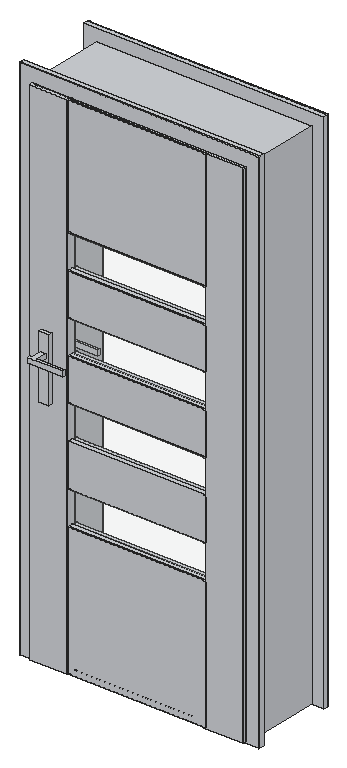
Revit family "porta_koncept_H4_osc_ps", category Drzwi, Revit 2016
Family settings
  Obiekt nadrzędny = Ściana
  Zawsze pionowo = Tak
  Tnij formami wycięć po wczytaniu = Nie
  Współdzielony = Nie
  Punkt obliczania pomieszczeń = Nie
Parameters (values of type "PN 80")
  Zakres szerokości muru [instance] = if(and(Grubość ściany > 94 mm, Grubość ściany < 120 mm), "B", (if(and(Grubość ściany > 119 mm, Grubość ściany < 140 mm), "C", (if(and(Grubość ściany > 139 mm, Grubość ściany < 160 mm), "D", (if(and(Grubość ściany > 159 mm, Grubość ściany < 180 mm), "E", (if(and(Grubość ściany > 179 mm, Grubość ściany < 200 mm), "F", (if(and(Grubość ściany > 199 mm, Grubość ściany < 220 mm), "G", (if(and(Grubość ściany > 219 mm, Grubość ściany < 240 mm), "H", (if(and(Grubość ściany > 239 mm, Grubość ściany < 260 mm), "I", (if(and(Grubość ściany > 259 mm, Grubość ściany < 280 mm), "J", (if(and(Grubość ściany > 279 mm, Grubość ściany < 301 mm), "K", "BRAK")))))))))))))))))))  # "K"
  Wysokość brutto = 2060 mm
  Szerokość brutto = 880 mm
  Model = "Koncept H4"
  Konstrukcja analityczna = "<Brak>"
  Grubość ściany [instance] = 300 mm
  Funkcja = Wewnętrzna
  URL = "www.porta.com.pl"
  Ss = 844 mm
  Sb = 846 mm
  Producent = "PORTA KMI POLAND"
  Keynote = ""
  Description = ""
  Wysokość = 2016 mm
  Zakończenie ściany = Wg obiektu nadrzędnego
  Szerokość = 800 mm
  Materiał_skrzydło [instance] = none
  Materiał_ościeżnica [instance] = none
  Materiał_klamka [instance] = none
  Informacja = "Własność Porta KMI Poland, wszelkie prawa zastrzeżone."  # constant formula
  Hs = 2030 mm
Types (6, lengths in mm): name | Szerokość brutto | Ss | Sb | Description | Szerokość
  PN 70 | 780 | 744 | 746 | "Biblioteki CAD produktów firmy PORTA KMI POLAND wraz z ich wizualizacjami są chronione prawami własności przemysłowej i intelektualnej. Można je wykorzystywać do handlowych celów osobistych poprzez zastosowanie w projektach, jednak nie wolno ich powielać, modyfikować, licencjonować ani publikować, w całości ani w części, chyba że celem przeglądania, bez uprzedniej pisemnej zgody PORTA KMI Poland. www.porta.com.pl" | 700
  PN 60 | 680 | 644 | 646 | "Biblioteki CAD produktów firmy PORTA KMI POLAND wraz z ich wizualizacjami są chronione prawami własności przemysłowej i intelektualnej. Można je wykorzystywać do handlowych celów osobistych poprzez zastosowanie w projektach, jednak nie wolno ich powielać, modyfikować, licencjonować ani publikować, w całości ani w części, chyba że celem przeglądania, bez uprzedniej pisemnej zgody PORTA KMI Poland. www.porta.com.pl" | 600
  PN 80 | 880 | 844 | 846 | "" | 800
  PN 90 | 980 | 944 | 946 | "Biblioteki CAD produktów firmy PORTA KMI POLAND wraz z ich wizualizacjami są chronione prawami własności przemysłowej i intelektualnej. Można je wykorzystywać do handlowych celów osobistych poprzez zastosowanie w projektach, jednak nie wolno ich powielać, modyfikować, licencjonować ani publikować, w całości ani w części, chyba że celem przeglądania, bez uprzedniej pisemnej zgody PORTA KMI Poland. www.porta.com.pl" | 900
  PN 100 | 1080 | 1044 | 1046 | "Biblioteki CAD produktów firmy PORTA KMI POLAND wraz z ich wizualizacjami są chronione prawami własności przemysłowej i intelektualnej. Można je wykorzystywać do handlowych celów osobistych poprzez zastosowanie w projektach, jednak nie wolno ich powielać, modyfikować, licencjonować ani publikować, w całości ani w części, chyba że celem przeglądania, bez uprzedniej pisemnej zgody PORTA KMI Poland. www.porta.com.pl" | 1000
  PN 110 | 1180 | 1144 | 1146 | "Biblioteki CAD produktów firmy PORTA KMI POLAND wraz z ich wizualizacjami są chronione prawami własności przemysłowej i intelektualnej. Można je wykorzystywać do handlowych celów osobistych poprzez zastosowanie w projektach, jednak nie wolno ich powielać, modyfikować, licencjonować ani publikować, w całości ani w części, chyba że celem przeglądania, bez uprzedniej pisemnej zgody PORTA KMI Poland. www.porta.com.pl" | 1100
Reference planes
  plane 1: y = 0
  plane 2 "Środek (Lewa/Prawa)": x = 0
  plane 3 "Lewy": x = -440
  plane 4 "Prawy": x = 440
  plane 5: z = 2060
  plane 6 "Zewnętrzna": y = 150
  plane 7 "Wewnętrzna": y = -150
  plane 8 "skrzydło": y = -144.5
Forms (mm)
  Sweep 1, solid, material <- "Materiał_ościeżnica"
    path in 3D
      loop
        line (-440, -150, 0) -> (-440, -150, 2060) -> (440, -150, 2060) -> (440, -150, 0)
    profile origin (-440, -150, 1030) x (0, -1, 0) y (1, 0, 0)
      loop
        line (-10, 39) -> (-72, 39) -> (-72, 17) -> (0, 17) -> (0, -33) -> (16, -33)
        arc (16, -33) -> (18.121, -32.121) -> (19, -30) r 3
        line (19, -30) -> (19, 24)
        arc (19, 24) -> (18.121, 26.121) -> (16, 27) r 3
        line (16, 27) -> (-10, 27) -> (-10, 39)
  Sweep 2, solid, material <- "Materiał_ościeżnica"
    path in 3D
      loop
        line (440, 150, 0) -> (440, 150, 2060) -> (-440, 150, 2060) -> (-440, 150, 0)
    profile origin (-440, 150, 1030) x (1, 0, 0) y (0, 1, 0)
      loop
        line (-33, 0) -> (17, 0) -> (17, -228) -> (39, -228) -> (39, -1)
        arc (39, -1) -> (37.536, 2.536) -> (34, 4) r 5
        line (34, 4) -> (25, 4) -> (25, 16)
        arc (25, 16) -> (24.121, 18.121) -> (22, 19) r 3
        line (22, 19) -> (-30, 19)
        arc (-30, 19) -> (-32.121, 18.121) -> (-33, 16) r 3
        line (-33, 16) -> (-33, 0)
  Sweep 3, solid, not visible
    path in 3D
      loop
        line (-440, -150, 0) -> (-440, -150, 2060)
    profile origin (-440, -150, 1030) x (0, -1, 0) y (1, 0, 0)
      loop
        line (-151, 17) -> (-149, 17) -> (-149, 19) -> (-151, 19) -> (-151, 17)
Cuts and joins
  joined: Sweep 1, Sweep 2
Lines and regions (mm)
  Opening 1
    outline origin (-3050, -150, 0) x (1, 0, 0) y (0, 0, 1)
      loop
        line (2610, 0) -> (3490, 0) -> (3490, 2060) -> (2610, 2060) -> (2610, 0)
  sketch lines
    curve 1: line (-440, -150, 0) -> (-440, -150, 2060)
    curve 2: line (-440, -150, 2060) -> (440, -150, 2060)
    curve 3: line (440, -150, 2060) -> (440, -150, 0)
    curve 4: line (-440, 150, 2060) -> (-440, 150, 0)
    curve 5: line (440, 150, 2060) -> (-440, 150, 2060)
    curve 6: line (440, 150, 0) -> (440, 150, 2060)
    curve 12: line (-440, -150, 0) -> (-440, -150, 2060)
  symbolic lines, style "DoorsPanelProjection"
    curve 7: line (422, -150, 0) -> (422, -994, 0)
    curve 8: line (422, -994, 0) -> (382, -994, 0)
    curve 9: line (382, -994, 0) -> (382, -150, 0)
    curve 10: line (382, -150, 0) -> (422, -150, 0)
  symbolic lines, style "Ugięcie rzutu"
    curve 11: arc (-422, -150, 0) -> (-174.798, -746.798, 0) -> (422, -994, 0) r 844
Text (mm)
  text "Zewnętrzna" at (-2295.016, 1099.543, 0), in view "Poziom odniesienia"
  text "Zewnętrzna" at (0, 1615.38, 3698.081), in view "Lewy"
  text "Zewnętrzna" at (0, 1036.032, 3874.932), in view "Prawy"
Dimensions and locks
  equal spacing: plane 3 "Lewy", plane 2 "Środek (Lewa/Prawa)", plane 4 "Prawy"
  "Szerokość brutto": plane 3 "Lewy" to plane 4 "Prawy"
  "Wysokość brutto": plane 5 to host wall
  host wall to plane 5 = 2060 mm  (x2)
  locked: plane 6 "Zewnętrzna" to host wall at 0
  locked: plane 7 "Wewnętrzna" to host wall
  "Sb": Sweep 1 to Sweep 1
  locked: Sweep 1 sketch curve to Sweep 1 sketch curve at 22
  Sweep 1 sketch curve to Sweep 1 sketch curve = 50 mm
  locked: Sweep 1 sketch curve to profile plane at 72
  locked: Sweep 2 sketch curve to Sweep 2 sketch curve at 50
  locked: Sweep 2 sketch curve to Sweep 2 sketch curve at 22
  locked: Sweep 2 sketch curve to plane 6 "Zewnętrzna" at 1
  locked: curve 9 to curve 7 at 40
  "Ss": curve 8 to curve 10
  equal spacing: curve 11, plane 2 "Środek (Lewa/Prawa)", curve 7
  locked: plane 7 "Wewnętrzna" to plane 8 "skrzydło" at 5.5
  locked: host wall to Sweep 3 sketch curve at 1
  locked: Sweep 3 sketch curve to host wall at 1
  locked: Sweep 3 sketch curve to plane 6 "Zewnętrzna" at 151
  locked: plane 7 "Wewnętrzna" to Sweep 3 sketch curve at 151
  equal spacing: nested 1, plane 2 "Środek (Lewa/Prawa)", nested 1
  locked: nested 1 to level at 8
  "Grubość ściany": host wall to host wall
  aligned and locked: plane 3 "Lewy" to Opening 1 sketch curve
  aligned and locked: plane 5 to Opening 1 sketch curve  (x2)
  aligned and locked: Opening 1 sketch curve to plane 4 "Prawy"
  aligned and locked: Opening 1 sketch curve to level
  aligned and locked: plane 1 to host wall
  aligned and locked: Sweep 1 to Sweep 2 sketch curve
  aligned and locked: plane 7 "Wewnętrzna" to curve 10
  aligned and locked: Sweep 3 sketch curve to cut or joined group of Sweep 1, Sweep 2
  aligned and locked: Sweep 2 sketch curve to cut or joined group of Sweep 1, Sweep 2
  aligned and locked: nested 1 to plane 8 "skrzydło"
Automatic sketch dimensions
  profile plane to Sweep 1 sketch curve = 10 mm
  Sweep 1 sketch curve to profile plane = 16 mm  (x2)
  Sweep 1 sketch curve to Sweep 1 sketch curve = 3 mm
  profile plane to Sweep 1 sketch curve = 17 mm
  Sweep 1 sketch curve to Sweep 1 sketch curve = 7 mm
  Sweep 1 sketch curve to profile plane = 0 mm
  Sweep 2 sketch curve to profile plane = 0 mm
  Sweep 2 sketch curve to profile plane = 16 mm
  Sweep 2 sketch curve to Sweep 2 sketch curve = 3 mm
  Sweep 2 sketch curve to Sweep 2 sketch curve = 5 mm
  Sweep 2 sketch curve to profile plane = 4 mm
  Sweep 2 sketch curve to Sweep 2 sketch curve = 8 mm
  curve 11 to host wall = 0 mm
  Sweep 3 sketch curve to Sweep 3 sketch curve = 2 mm
Nested families
  nested 1: "skrzydło" at (0, -151, 0), Materiał_klamka <- "Materiał_klamka", Materiał_skrzydło <- "Materiał_skrzydło", type "skrzydło"
    with Materiał_skrzydło none, Materiał_klamka none
Definition of nested family "skrzydło"
  Parameters
    Ss = 844 mm
    Materiał_skrzydło [instance] = none
    Materiał_klamka [instance] = none
    Hs = 2030 mm
  Reference planes
    plane 1 "Tył": y = 6.5
    plane 2: z = 0
    plane 3 "Środek (Lewa/Prawa)": x = 0
    plane 4 "Lewa": x = -422
    plane 5 "Prawa": x = 422
    plane 6 "Przód": y = -33.5
    plane 7: z = 2038
    plane 8 "Centrum": y = -13.5
    plane 9: x = -409
    plane 10: z = 8
    plane 11: x = 409
    plane 12: x = -272
    plane 13: x = 272
    plane 14: z = 2025
  Forms (mm)
    Extrusion 1, solid, material <- "Materiał_skrzydło"
      sketch origin (-1191.728, -1524, 8) x (-1, 0, 0) y (0, -1, 0)
        loop
          line (-1465.378, -1490.5) -> (-1612.078, -1490.5)
          arc (-1612.078, -1490.5) -> (-1613.244, -1490.983) -> (-1613.728, -1492.15) r 1.65
          line (-1613.728, -1492.15) -> (-1613.728, -1501.85)
          arc (-1613.728, -1501.85) -> (-1613.244, -1503.017) -> (-1612.078, -1503.5) r 1.65
          line (-1612.078, -1503.5) -> (-1602.078, -1503.5)
          arc (-1602.078, -1503.5) -> (-1601.123, -1503.895) -> (-1600.728, -1504.85) r 1.35
          line (-1600.728, -1504.85) -> (-1600.728, -1528.85)
          arc (-1600.728, -1528.85) -> (-1600.244, -1530.017) -> (-1599.078, -1530.5) r 1.65
          line (-1599.078, -1530.5) -> (-1465.378, -1530.5)
          arc (-1465.378, -1530.5) -> (-1464.211, -1530.017) -> (-1463.728, -1528.85) r 1.65
          line (-1463.728, -1528.85) -> (-1463.728, -1492.15)
          arc (-1463.728, -1492.15) -> (-1464.211, -1490.983) -> (-1465.378, -1490.5) r 1.65
      from 0 to 2030
    Extrusion 2, void
      sketch origin (0, 0, 0) x (0, -1, 0) y (0, 0, 1)
        loop
          line (-6.5, 2025) -> (20.5, 2025) -> (20.5, 2038) -> (-6.5, 2038) -> (-6.5, 2025)
      from -422 to 422
    Extrusion 3, solid, material <- "Materiał_skrzydło"
      sketch origin (0, 0, 0) x (0, 1, 0) y (0, 0, 1)
        loop
          line (4, 1568.15) -> (4, 2023.35)
          arc (4, 2023.35) -> (3.517, 2024.517) -> (2.35, 2025) r 1.65
          line (2.35, 2025) -> (-19.15, 2025)
          arc (-19.15, 2025) -> (-20.105, 2025.395) -> (-20.5, 2026.35) r 1.35
          line (-20.5, 2026.35) -> (-20.5, 2036.35)
          arc (-20.5, 2036.35) -> (-20.983, 2037.517) -> (-22.15, 2038) r 1.65
          line (-22.15, 2038) -> (-29.35, 2038)
          arc (-29.35, 2038) -> (-30.517, 2037.517) -> (-31, 2036.35) r 1.65
          line (-31, 2036.35) -> (-31, 1568.15)
          arc (-31, 1568.15) -> (-30.517, 1566.983) -> (-29.35, 1566.5) r 1.65
          line (-29.35, 1566.5) -> (2.35, 1566.5)
          arc (2.35, 1566.5) -> (3.517, 1566.983) -> (4, 1568.15) r 1.65
        loop
          line (2.35, 529.5) -> (-29.35, 529.5)
          arc (-29.35, 529.5) -> (-30.517, 529.017) -> (-31, 527.85) r 1.65
          line (-31, 527.85) -> (-31, 9.65)
          arc (-31, 9.65) -> (-30.517, 8.483) -> (-29.35, 8) r 1.65
          line (-29.35, 8) -> (-25, 8)
          arc (-25, 8) -> (-23.833, 8.483) -> (-23.35, 9.65) r 1.65
          arc (-23.35, 9.65) -> (-22.955, 10.605) -> (-22, 11) r 1.35
          line (-22, 11) -> (-5, 11)
          arc (-5, 11) -> (-4.045, 10.605) -> (-3.65, 9.65) r 1.35
          arc (-3.65, 9.65) -> (-3.167, 8.483) -> (-2, 8) r 1.65
          line (-2, 8) -> (2.35, 8)
          arc (2.35, 8) -> (3.517, 8.483) -> (4, 9.65) r 1.65
          line (4, 9.65) -> (4, 527.85)
          arc (4, 527.85) -> (3.517, 529.017) -> (2.35, 529.5) r 1.65
        loop
          line (2.35, 831.25) -> (-29.35, 831.25)
          arc (-29.35, 831.25) -> (-30.517, 830.767) -> (-31, 829.6) r 1.65
          line (-31, 829.6) -> (-31, 662.9)
          arc (-31, 662.9) -> (-30.517, 661.733) -> (-29.35, 661.25) r 1.65
          line (-29.35, 661.25) -> (2.35, 661.25)
          arc (2.35, 661.25) -> (3.517, 661.733) -> (4, 662.9) r 1.65
          line (4, 662.9) -> (4, 829.6)
          arc (4, 829.6) -> (3.517, 830.767) -> (2.35, 831.25) r 1.65
        loop
          line (2.35, 1133) -> (-29.35, 1133)
          arc (-29.35, 1133) -> (-30.517, 1132.517) -> (-31, 1131.35) r 1.65
          line (-31, 1131.35) -> (-31, 964.65)
          arc (-31, 964.65) -> (-30.517, 963.483) -> (-29.35, 963) r 1.65
          line (-29.35, 963) -> (2.35, 963)
          arc (2.35, 963) -> (3.517, 963.483) -> (4, 964.65) r 1.65
          line (4, 964.65) -> (4, 1131.35)
          arc (4, 1131.35) -> (3.517, 1132.517) -> (2.35, 1133) r 1.65
        loop
          line (2.35, 1434.75) -> (-29.35, 1434.75)
          arc (-29.35, 1434.75) -> (-30.517, 1434.267) -> (-31, 1433.1) r 1.65
          line (-31, 1433.1) -> (-31, 1266.4)
          arc (-31, 1266.4) -> (-30.517, 1265.233) -> (-29.35, 1264.75) r 1.65
          line (-29.35, 1264.75) -> (2.35, 1264.75)
          arc (2.35, 1264.75) -> (3.517, 1265.233) -> (4, 1266.4) r 1.65
          line (4, 1266.4) -> (4, 1433.1)
          arc (4, 1433.1) -> (3.517, 1434.267) -> (2.35, 1434.75) r 1.65
      from -272 to 272
    Extrusion 4, solid
      sketch origin (-892.016, -13.5, 1200) x (-1, 0, 0) y (0, 0, 1)
        loop
          line (-620.016, 366.5) -> (-1164.016, 366.5) -> (-1164.016, 234.75) -> (-620.016, 234.75) -> (-620.016, 366.5)
      from -2 to 2
    Extrusion 5, solid
      sketch origin (-892.016, -13.5, 1200) x (-1, 0, 0) y (0, 0, 1)
        loop
          line (-620.016, -67) -> (-620.016, 64.75) -> (-1164.016, 64.75) -> (-1164.016, -67) -> (-620.016, -67)
      from -2 to 2
    Extrusion 6, solid
      sketch origin (-892.016, -13.5, 1200) x (-1, 0, 0) y (0, 0, 1)
        loop
          line (-620.016, -237) -> (-1164.016, -237) -> (-1164.016, -368.75) -> (-620.016, -368.75) -> (-620.016, -237)
      from -2 to 2
    Extrusion 7, solid
      sketch origin (-892.016, -13.5, 1200) x (-1, 0, 0) y (0, 0, 1)
        loop
          line (-620.016, -538.75) -> (-1164.016, -538.75) -> (-1164.016, -670.5) -> (-620.016, -670.5) -> (-620.016, -538.75)
      from -2 to 2
    Extrusion 8, solid, material <- "Materiał_skrzydło"
      sketch origin (-1191.728, -1524, 8) x (-1, 0, 0) y (0, -1, 0)
        loop
          arc (-918.078, -1490.5) -> (-919.244, -1490.983) -> (-919.728, -1492.15) r 1.65
          line (-919.728, -1492.15) -> (-919.728, -1528.85)
          arc (-919.728, -1528.85) -> (-919.244, -1530.017) -> (-918.078, -1530.5) r 1.65
          line (-918.078, -1530.5) -> (-784.378, -1530.5)
          arc (-784.378, -1530.5) -> (-783.211, -1530.017) -> (-782.728, -1528.85) r 1.65
          line (-782.728, -1528.85) -> (-782.728, -1504.85)
          arc (-782.728, -1504.85) -> (-782.332, -1503.895) -> (-781.378, -1503.5) r 1.35
          line (-781.378, -1503.5) -> (-771.378, -1503.5)
          arc (-771.378, -1503.5) -> (-770.211, -1503.017) -> (-769.728, -1501.85) r 1.65
          line (-769.728, -1501.85) -> (-769.728, -1492.15)
          arc (-769.728, -1492.15) -> (-770.211, -1490.983) -> (-771.378, -1490.5) r 1.65
          line (-771.378, -1490.5) -> (-918.078, -1490.5)
      from 0 to 2030
  Cuts and joins
    Extrusion 2 cuts Extrusion 1
    Extrusion 2 cuts Extrusion 8
  Dimensions and locks
    equal spacing: plane 4 "Lewa", plane 3 "Środek (Lewa/Prawa)", plane 5 "Prawa"
    "Ss": plane 4 "Lewa" to plane 5 "Prawa"
    locked: plane 4 "Lewa" to plane 9 at 13
    locked: plane 10 to level at 8
    "Hs": plane 7 to plane 10
    locked: plane 5 "Prawa" to plane 11 at 13
    locked: plane 9 to nested 1 at 35
    locked: nested 1 to plane 10 at 934
    locked: plane 10 to nested 2 at 934
    equal spacing: plane 6 "Przód", plane 8 "Centrum", plane 1 "Tył"
    locked: plane 7 to plane 14 at 13
    locked: plane 12 to plane 4 "Lewa" at 150
    locked: plane 5 "Prawa" to plane 13 at 150
    locked: plane 1 "Tył" to Extrusion 2 sketch curve at 27
    aligned and locked: nested 1 to plane 6 "Przód"
    aligned and locked: plane 5 "Prawa" to Extrusion 1 sketch curve
    aligned and locked: Extrusion 1 sketch curve to plane 11
    aligned and locked: Extrusion 1 sketch curve to plane 1 "Tył"
    aligned and locked: Extrusion 1 sketch curve to plane 6 "Przód"
    aligned and locked: Extrusion 1 sketch curve to plane 13
    aligned and locked: plane 7 to Extrusion 1
    aligned and locked: Extrusion 2 sketch curve to plane 14
    aligned and locked: Extrusion 2 sketch curve to plane 1 "Tył"
    aligned and locked: plane 7 to Extrusion 2 sketch curve
    aligned and locked: Extrusion 2 to plane 4 "Lewa"
    aligned and locked: plane 5 "Prawa" to Extrusion 2
    aligned and locked: Extrusion 3 to plane 12
    aligned and locked: plane 13 to Extrusion 3
    aligned and locked: plane 12 to Extrusion 4 sketch curve
    aligned and locked: plane 13 to Extrusion 4 sketch curve
    aligned and locked: Extrusion 3 to Extrusion 5 sketch curve  (x2)
    aligned and locked: plane 12 to Extrusion 6 sketch curve
    aligned and locked: plane 13 to Extrusion 6 sketch curve
    aligned and locked: plane 12 to Extrusion 7 sketch curve
    aligned and locked: plane 13 to Extrusion 7 sketch curve
    aligned and locked: plane 4 "Lewa" to Extrusion 8 sketch curve
    aligned and locked: Extrusion 8 sketch curve to plane 12
    aligned and locked: plane 7 to Extrusion 8
    aligned and locked: nested 2 to nested 1
  Automatic sketch dimensions
    Extrusion 1 sketch curve to Extrusion 1 sketch curve = 1.65 mm  (x4)
    Extrusion 1 sketch curve to Extrusion 1 sketch curve = 1.35 mm
    Extrusion 1 sketch curve to Extrusion 1 sketch curve = 10 mm
    plane 1 "Tył" to Extrusion 1 sketch curve = 25.65 mm
    Extrusion 3 sketch curve to plane 7 = 0 mm
    Extrusion 3 sketch curve to plane 10 = 0 mm  (x2)
    Extrusion 3 sketch curve to plane 14 = 0 mm
    plane 6 "Przód" to Extrusion 3 sketch curve = 2.5 mm  (x5)
    plane 10 to Extrusion 3 sketch curve = 1.65 mm  (x3)
    Extrusion 3 sketch curve to Extrusion 3 sketch curve = 1.65 mm  (x15)
    Extrusion 3 sketch curve to Extrusion 3 sketch curve = 4.35 mm
    Extrusion 3 sketch curve to Extrusion 3 sketch curve = 0 mm  (x2)
    Extrusion 3 sketch curve to Extrusion 3 sketch curve = 7.2 mm
    Extrusion 3 sketch curve to Extrusion 3 sketch curve = 1.35 mm  (x2)
    plane 8 "Centrum" to Extrusion 3 sketch curve = 8.5 mm
    plane 1 "Tył" to Extrusion 3 sketch curve = 4.15 mm  (x9)
    Extrusion 3 sketch curve to plane 14 = 1.65 mm
    Extrusion 3 sketch curve to Extrusion 3 sketch curve = 516.85 mm
    Extrusion 3 sketch curve to Extrusion 3 sketch curve = 131.75 mm  (x4)
    Extrusion 3 sketch curve to Extrusion 3 sketch curve = 166.7 mm  (x3)
    Extrusion 4 sketch curve to Extrusion 4 sketch curve = 131.75 mm
    Extrusion 4 sketch curve to plane 7 = 471.5 mm
    Extrusion 5 sketch curve to plane 7 = 773.25 mm
    Extrusion 5 sketch curve to Extrusion 5 sketch curve = 131.75 mm
    plane 10 to Extrusion 6 sketch curve = 823.25 mm
    Extrusion 6 sketch curve to Extrusion 6 sketch curve = 131.75 mm
    plane 10 to Extrusion 7 sketch curve = 521.5 mm
    Extrusion 7 sketch curve to Extrusion 7 sketch curve = 131.75 mm
    Extrusion 8 sketch curve to Extrusion 8 sketch curve = 1.65 mm  (x4)
    Extrusion 8 sketch curve to Extrusion 8 sketch curve = 1.35 mm
    Extrusion 8 sketch curve to Extrusion 8 sketch curve = 10 mm
    Extrusion 8 sketch curve to Extrusion 8 sketch curve = 0 mm
    plane 6 "Przód" to Extrusion 8 sketch curve = 40 mm
    Extrusion 8 sketch curve to Extrusion 8 sketch curve = 24 mm
    Extrusion 8 sketch curve to Extrusion 8 sketch curve = 9.7 mm
  Nested families
    nested 1: "KLAMKA" at (-354, -33.5, 1067), Materiał klamki <- "Materiał_klamka", type "KLAMKA"
      with Materiał klamki none
    nested 2: "KLAMKA" at (-354, 6.5, 1067), Materiał klamki <- "Materiał_klamka", type "KLAMKA"
      with Materiał klamki none
  Definition of nested family "KLAMKA"
    Parameters
      Materiał klamki [instance] = none
      Assembly Code = ""
      Default Elevation = 1219.2 mm
    Reference planes
      plane 1 "Center (Front/Back)": y = 0
      plane 2: z = 0
      plane 3 "Center (Left/Right)": x = 0
      plane 4: z = 125
      plane 5: z = -125
      plane 6: x = 20
      plane 7: x = -20
      plane 8: y = -70
      plane 9: y = -60
      plane 10: x = 10
      plane 11: x = -10
      plane 12: x = 120
      plane 13: z = 35
      plane 14: z = 55
      plane 15: y = -15
    Forms (mm)
      Extrusion 1, solid, material <- "Materiał klamki"
        sketch origin (0, 0, 0) x (1, 0, 0) y (0, 0, 1)
          loop
            line (-20, 125) -> (-20, -125) -> (20, -125) -> (20, 125) -> (-20, 125)
        from 0 to 15
      Extrusion 2, solid, material <- "Materiał klamki"
        sketch origin (0, 0, 0) x (1, 0, 0) y (0, 1, 0)
          loop
            line (-10, -15) -> (-10, -60) -> (-20, -60) -> (-20, -70) -> (120, -70) -> (120, -60) -> (10, -60) -> (10, -15) -> (-10, -15)
        from 35 to 55
    Dimensions and locks
      equal spacing: plane 4, plane 2, plane 5
      plane 4 to plane 5 = 250 mm
      equal spacing: plane 7, plane 3 "Center (Left/Right)", plane 6
      plane 7 to plane 6 = 40 mm
      plane 8 to plane 1 "Center (Front/Back)" = 70 mm
      plane 11 to plane 3 "Center (Left/Right)" to plane 10 = 10 mm locked, 10 mm locked
      plane 7 to plane 12 = 140 mm
      plane 15 to plane 1 "Center (Front/Back)" = 15 mm
      aligned and locked: plane 7 to Extrusion 1 sketch curve
      aligned and locked: Extrusion 1 sketch curve to plane 4
      aligned and locked: plane 5 to Extrusion 1 sketch curve
      aligned and locked: Extrusion 1 sketch curve to plane 6
      aligned and locked: plane 15 to Extrusion 1
      aligned and locked: Extrusion 1 to plane 1 "Center (Front/Back)"
      aligned and locked: plane 14 to Extrusion 2
      aligned and locked: Extrusion 2 to plane 13
    Automatic sketch dimensions
      Extrusion 2 sketch curve to plane 7 = 0 mm
      Extrusion 2 sketch curve to plane 9 = 0 mm  (x2)
      Extrusion 2 sketch curve to plane 11 = 0 mm
      Extrusion 2 sketch curve to plane 10 = 0 mm
      Extrusion 2 sketch curve to plane 12 = 0 mm
      Extrusion 2 sketch curve to plane 8 = 0 mm
      Extrusion 2 sketch curve to plane 15 = 0 mm
